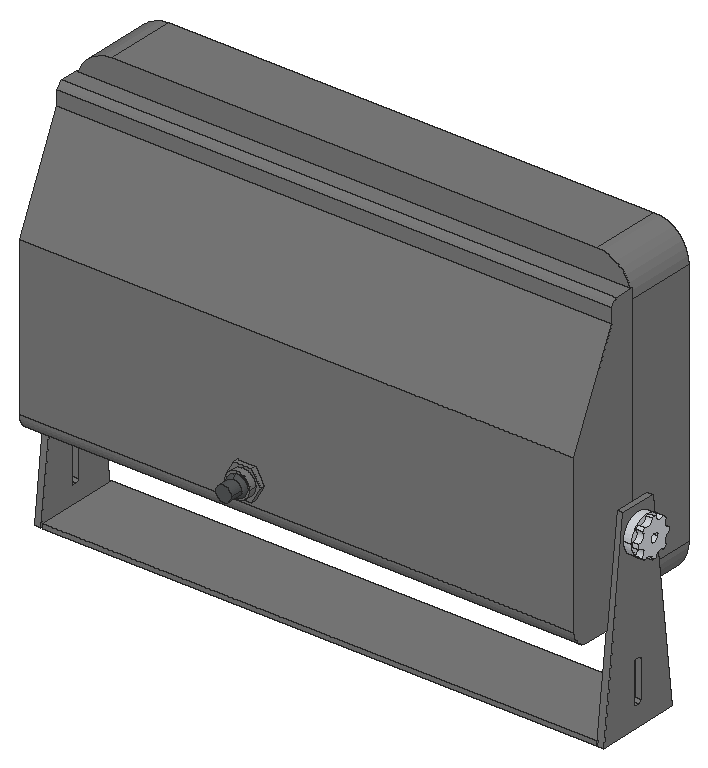
Revit family "WALL WASHER PRO_LV363WW.60", category Luminarias, Revit 2019 (continued)
Parameters (values of type "REFL_LV363WW.60")
         \r\n 7.50     7.66     7.81     7.96     8.11     8.26     8.42     8.57     8.72     8.87     \r\n 9.03     9.19     9.35     9.50     9.64     9.78     9.92     10.06    10.20    10.35    \r\n 10.49    10.62    10.75    10.89    11.02    11.16    11.29    11.42    11.54    11.63    \r\n 11.73    11.77    11.80    11.81    11.80    11.78    11.65    11.51    11.36    11.17    \r\n 10.98    10.72    10.46    10.17    9.86     9.54     9.23     8.91     8.60     8.28     \r\n 7.96     7.62     7.28     6.93     6.59     6.24     5.90     5.55     5.24     4.97     \r\n 4.69     4.69     4.68     4.68     4.67     4.67     4.66     4.66     4.65     4.64     \r\n 4.64     4.63     4.63     4.65     4.68     4.72     4.76     4.80     4.84     4.88     \r\n 4.92     \r\n5.29     5.54     5.79     6.04     6.29     6.55     6.80     7.05     7.27     7.46     \r\n 7.64     7.83     8.01     8.20     8.38     8.57     8.76     8.94     9.13     9.31     \r\n 9.50     9.74     9.98     10.19    10.39    10.59    10.79    10.99    11.19    11.38    \r\n 11.58    11.75    11.92    12.09    12.26    12.43    12.60    12.77    12.93    13.10    \r\n 13.26    13.31    13.36    13.38    13.37    13.35    13.20    13.04    12.84    12.60    \r\n 12.35    12.02    11.69    11.36    11.02    10.68    10.34    10.01    9.67     9.33     \r\n 8.99     8.59     8.18     7.78     7.37     6.97     6.56     6.16     5.79     5.45     \r\n 5.11     5.08     5.05     5.01     4.98     4.94     4.91     4.87     4.84     4.80     \r\n 4.77     4.73     4.70     4.70     4.73     4.76     4.79     4.82     4.86     4.89     \r\n 4.92     \r\n5.28     5.54     5.81     6.07     6.34     6.60     6.87     7.13     7.37     7.59     \r\n 7.82     8.04     8.26     8.48     8.70     8.92     9.14     9.36     9.59     9.81     \r\n 10.03    10.42    10.82    11.12    11.35    11.57    11.79    12.02    12.24    12.46    \r\n 12.68    12.94    13.20    13.46    13.72    13.97    14.23    14.49    14.70    14.87    \r\n 15.04    15.11    15.17    15.19    15.17    15.15    14.99    14.83    14.63    14.39    \r\n 14.16    13.77    13.39    12.99    12.58    12.17    11.75    11.34    10.92    10.51    \r\n 10.09    9.63     9.16     8.70     8.23     7.77     7.30     6.83     6.40     5.99     \r\n 5.58     5.51     5.44     5.37     5.31     5.24     5.17     5.10     5.04     4.97     \r\n 4.90     4.83     4.77     4.74     4.77     4.79     4.81     4.84     4.86     4.88     \r\n 4.91     \r\n5.29     5.56     5.83     6.11     6.38     6.65     6.92     7.19     7.46     7.73     \r\n 8.00     8.27     8.54     8.80     9.07     9.34     9.61     9.88     10.15    10.41    \r\n 10.68    11.16    11.65    12.04    12.34    12.64    12.94    13.24    13.54    13.84    \r\n 14.14    14.42    14.69    14.97    15.24    15.51    15.79    16.06    16.27    16.41    \r\n 16.55    16.60    16.66    16.67    16.65    16.62    16.49    16.37    16.20    15.99    \r\n 15.78    15.45    15.13    14.71    14.22    13.73    13.23    12.74    12.24    11.75    \r\n 11.25    10.75    10.25    9.74     9.24     8.73     8.23     7.72     7.20     6.67     \r\n 6.13     6.02     5.91     5.81     5.70     5.59     5.48     5.38     5.27     5.16     \r\n 5.05     4.95     4.84     4.79     4.81     4.83     4.84     4.86     4.88     4.89     \r\n 4.91     \r\n5.30     5.58     5.86     6.14     6.42     6.70     6.99     7.27     7.57     7.90     \r\n 8.22     8.55     8.88     9.20     9.53     9.86     10.19    10.51    10.84    11.17    \r\n 11.49    11.99    12.49    12.95    13.36    13.78    14.20    14.62    15.04    15.46    \r\n 15.88    16.12    16.36    16.60    16.84    17.07    17.31    17.55    17.74    17.89    \r\n 18.03    18.10    18.16    18.19    18.17    18.16    18.02    17.89    17.70    17.47    \r\n 17.24    16.92    16.60    16.20    15.72    15.24    14.76    14.28    13.80    13.32    \r\n 12.84    12.25    11.66    11.07    10.47    9.88     9.29     8.70     8.06     7.37     \r\n 6.69     6.54     6.39     6.24     6.10     5.95     5.80     5.65     5.51     5.36     \r\n 5.21     5.07     4.92     4.85     4.86     4.87     4.88     4.89     4.90     4.91     \r\n 4.92     \r\n5.30     5.59     5.88     6.17     6.46     6.76     7.05     7.34     7.67     8.05     \r\n 8.43     8.80     9.18     9.55     9.93     10.31    10.68    11.06    11.44    11.81    \r\n 12.19    12.76    13.32    13.86    14.36    14.87    15.37    15.88    16.38    16.89    \r\n 17.39    17.63    17.87    18.11    18.35    18.59    18.83    19.07    19.27    19.44    \r\n 19.60    19.65    19.70    19.73    19.75    19.77    19.61    19.45    19.26    19.02    \r\n 18.79    18.45    18.11    17.71    17.26    16.81    16.36    15.91    15.46    15.01    \r\n 14.56    13.86    13.16    12.46    11.76    11.06    10.36    9.66     8.95     8.23     \r\n 7.51     7.31     7.10     6.89     6.68     6.47     6.26     6.05     5.84     5.63     \r\n 5.42     5.21     5.01     4.90     4.91     4.91     4.91     4.92     4.92     4.92     \r\n 4.92     \r\n5.31     5.61     5.91     6.21     6.51     6.81     7.11     7.41     7.77     8.20     \r\n 8.63     9.06     9.49     9.91     10.34    10.77    11.20    11.63    12.06    12.49    \r\n 12.91    13.60    14.29    14.92    15.47    16.02    16.58    17.13    17.68    18.23    \r\n 18.79    19.05    19.31    19.58    19.84    20.10    20.37    20.63    20.85    21.02    \r\n 21.20    21.27    21.33    21.37    21.37    21.38    21.22    21.07    20.87    20.63    \r\n 20.40    20.05    19.70    19.29    18.82    18.34    17.87    17.40    16.93    16.46    \r\n 15.98    15.22    14.45    13.69    12.92    12.16    11.39    10.63    9.85     9.07     \r\n 8.28     8.02     7.75     7.48     7.21     6.95     6.68     6.41     6.14     5.88     \r\n 5.61     5.34     5.07     4.94     4.93     4.93     4.92     4.92     4.91     4.91     \r\n 4.90     \r\n5.31     5.62     5.92     6.23     6.54     6.85     7.15     7.46     7.86     8.34     \r\n 8.83     9.31     9.80     10.29    10.77    11.26    11.74    12.23    12.71    13.20    \r\n 13.68    14.58    15.48    16.22    16.80    17.39    17.97    18.56    19.14    19.72    \r\n 20.31    20.60    20.88    21.17    21.46    21.75    22.04    22.33    22.58    22.79    \r\n 23.01    23.09    23.17    23.21    23.21    23.21    23.03    22.84    22.62    22.36    \r\n 22.10    21.71    21.33    20.89    20.40    19.92    19.43    18.94    18.45    17.96    \r\n 17.47    16.64    15.81    14.98    14.15    13.32    12.49    11.66    10.80    9.92     \r\n 9.03     8.71     8.39     8.07     7.74     7.42     7.10     6.78     6.46     6.13     \r\n 5.81     5.49     5.17     5.00     4.99     4.98     4.97     4.95     4.94     4.93     \r\n 4.92     \r\n5.31     5.63     5.95     6.27     6.59     6.90     7.22     7.54     7.98     8.53     \r\n 9.08     9.63     10.18    10.73    11.29    11.84    12.39    12.94    13.49    14.04    \r\n 14.59    15.65    16.71    17.54    18.15    18.76    19.37    19.99    20.60    21.21    \r\n 21.82    22.16    22.51    22.85    23.19    23.53    23.87    24.21    24.50    24.74    \r\n 24.97    25.08    25.18    25.23    25.23    25.22    25.05    24.88    24.64    24.33    \r\n 24.03    23.60    23.17    22.69    22.15    21.62    21.09    20.55    20.02    19.49    \r\n 18.95    18.09    17.22    16.36    15.49    14.62    13.76    12.89    11.93    10.87    \r\n 9.82     9.44     9.06     8.68     8.30     7.92     7.54     7.16     6.78     6.40     \r\n 6.02     5.64     5.26     5.06     5.04     5.02     4.99     4.97     4.95     4.93     \r\n 4.91     \r\n5.29     5.62     5.95     6.28     6.61     6.94     7.28     7.61     8.09     8.72     \r\n 9.35     9.98     10.61    11.24    11.87    12.50    13.13    13.76    14.39    15.02    \r\n 15.65    16.74    17.82    18.70    19.38    20.05    20.73    21.40    22.08    22.76    \r\n 23.43    23.85    24.26    24.68    25.10    25.51    25.93    26.34    26.68    26.94    \r\n 27.21    27.33    27.45    27.51    27.52    27.52    27.32    27.12    26.86    26.53    \r\n 26.20    25.70    25.20    24.65    24.05    23.45    22.85    22.25    21.65    21.05    \r\n 20.45    19.57    18.69    17.80    16.92    16.04    15.16    14.28    13.20    11.93    \r\n 10.65    10.21    9.77     9.33     8.89     8.44     8.00     7.56     7.12     6.68     \r\n 6.24     5.79     5.35     5.12     5.08     5.05     5.02     4.99     4.96     4.92     \r\n 4.89     \r\n5.29     5.63     5.97     6.31     6.65     6.99     7.33     7.67     8.20     8.91     \r\n 9.62     10.33    11.04    11.76    12.47    13.18    13.89    14.60    15.32    16.03    \r\n 16.74    17.84    18.94    19.87    20.63    21.39    22.15    22.91    23.67    24.43    \r\n 25.19    25.67    26.15    26.63    27.11    27.59    28.07    28.55    28.94    29.25    \r\n 29.55    29.69    29.83    29.90    29.90    29.90    29.70    29.50    29.22    28.85    \r\n 28.49    27.96    27.44    26.83    26.15    25.47    24.79    24.11    23.43    22.75    \r\n 22.07    21.14    20.21    19.29    18.36    17.43    16.50    15.57    14.42    13.05    \r\n 11.68    11.16    10.64    10.12    9.60     9.08     8.56     8.04     7.53     7.01     \r\n 6.49     5.97     5.45     5.17     5.14     5.10     5.06     5.03     4.99     4.95     \r\n 4.92     \r\n5.27     5.62     5.97     6.32     6.67     7.01     7.36     7.71     8.28     9.06     \r\n 9.84     10.63    11.41    12.19    12.98    13.76    14.54    15.33    16.11    16.89    \r\n 17.68    18.86    20.04    21.07    21.93    22.80    23.67    24.54    25.41    26.28    \r\n 27.14    27.68    28.23    28.77    29.31    29.85    30.39    30.93    31.37    31.70    \r\n 32.04    32.19    32.34    32.42    32.45    32.47    32.25    32.03    31.73    31.34    \r\n 30.96    30.38    29.80    29.13    28.38    27.62    26.86    26.11    25.35    24.59    \r\n 23.84    22.83    21.83    20.82    19.82    18.81    17.81    16.80    15.60    14.21    \r\n 12.82    12.21    11.61    11.00    10.39    9.79     9.18     8.58     7.97     7.37     \r\n 6.76     6.16     5.55     5.22     5.17     5.13     5.08     5.03     4.98     4.93     \r\n 4.88     \r\n5.28     5.64     6.00     6.36     6.73     7.09     7.45     7.81     8.41     9.26     \r\n 10.11    10.96    11.81    12.66    13.51    14.36    15.21    16.06    16.91    17.76    \r\n 18.61    19.89    21.16    22.29    23.28    24.26    25.25    26.23    27.22    28.20    \r\n 29.19    29.78    30.38    30.98    31.57    32.17    32.77    33.36    33.85    34.23    \r\n 34.62    34.78    34.94    35.04    35.08    35.11    34.86    34.62    34.29    33.90    \r\n 33.50    32.87    32.24    31.51    30.69    29.88    29.06    28.24    27.42    26.60    \r\n 25.79    24.68    23.58    22.48    21.38    20.28    19.18    18.07    16.81    15.40    \r\n 13.98    13.29    12.59    11.90    11.21    10.51    9.82     9.12     8.43     7.74     \r\n 7.04     6.35     5.65     5.28     5.22     5.17     5.11     5.06     5.00     4.95     \r\n 4.89     \r\n5.28     5.65     6.02     6.39     6.76     7.13     7.49     7.86     8.51     9.43     \r\n 10.34    11.26    12.18    13.10    14.02    14.94    15.85    16.77    17.69    18.61    \r\n 19.53    20.92    22.31    23.56    24.67    25.79    26.90    28.01    29.12    30.23    \r\n 31.35    32.00    32.66    33.32    33.98    34.64    35.30    35.96    36.49    36.91    \r\n 37.32    37.53    37.75    37.87    37.90    37.92    37.68    37.43    37.08    36.63    \r\n 36.18    35.49    34.80    34.01    33.12    32.23    31.34    30.45    29.56    28.68    \r\n 27.79    26.59    25.38    24.18    22.98    21.78    20.58    19.37    18.01    16.48    \r\n 14.96    14.19    13.43    12.66    11.90    11.13    10.37    9.60     8.84     8.07     \r\n 7.31     6.54     5.78     5.36     5.30     5.23     5.17     5.10     5.04     4.97     \r\n 4.91     \r\n5.28     5.66     6.04     6.42     6.80     7.19     7.57     7.95     8.63     9.62     \r\n 10.61    11.60    12.59    13.58    14.57    15.56    16.55    17.54    18.53    19.52    \r\n 20.51    22.01    23.51    24.88    26.14    27.39    28.64    29.89    31.14    32.39    \r\n 33.64    34.36    35.09    35.81    36.54    37.26    37.98    38.71    39.30    39.78    \r\n 40.25    40.47    40.69    40.83    40.88    40.92    40.64    40.35    39.95    39.43    \r\n 38.92    38.24    37.56    36.74    35.77    34.80    33.84    32.87    31.90    30.94    \r\n 29.97    28.65    27.33    26.00    24.68    23.36    22.04    20.72    19.24    17.61    \r\n 15.98    15.14    14.30    13.46    12.62    11.77    10.93    10.09    9.25     8.41     \r\n 7.57     6.73     5.89     5.43     5.35     5.28     5.20     5.13     5.05     4.98     \r\n 4.90     \r\n5.26     5.66     6.05     6.45     6.84     7.24     7.63     8.02     8.75     9.81     \r\n 10.87    11.93    12.99    14.05    15.11    16.17    17.23    18.29    19.35    20.41    \r\n 21.47    23.14    24.80    26.32    27.69    29.06    30.44    31.81    33.18    34.56    \r\n 35.93    36.73    37.53    38.34    39.14    39.94    40.75    41.55    42.21    42.72    \r\n 43.24    43.49    43.73    43.89    43.96    44.03    43.71    43.39    42.97    42.45    \r\n 41.94    41.16    40.38    39.47    38.43    37.40    36.36    35.32    34.28    33.24    \r\n 32.21    30.76    29.31    27.87    26.42    24.97    23.53    22.08    20.49    18.77    \r\n 17.05    16.13    15.20    14.28    13.36    12.44    11.52    10.59    9.67     8.75     \r\n 7.83     6.91     5.98     5.48     5.40     5.31     5.23     5.15     5.06     4.98     \r\n 4.90     \r\n5.28     5.68     6.09     6.49     6.89     7.30     7.70     8.11     8.88     10.01    \r\n 11.14    12.28    13.41    14.54    15.68    16.81    17.95    19.08    20.21    21.35    \r\n 22.48    24.34    26.19    27.87    29.37    30.87    32.36    33.86    35.36    36.86    \r\n 38.36    39.24    40.13    41.02    41.91    42.80    43.68    44.57    45.29    45.85    \r\n 46.41    46.70    47.00    47.17    47.20    47.24    46.94    46.64    46.21    45.62    \r\n 45.04    44.21    43.37    42.39    41.26    40.14    39.01    37.88    36.75    35.62    \r\n 34.49    32.93    31.38    29.82    28.26    26.70    25.14    23.58    21.86    19.97    \r\n 18.08    17.08    16.08    15.08    14.09    13.09    12.09    11.09    10.09    9.09     \r\n 8.09     7.09     6.10     5.55     5.45     5.36     5.26     5.17     5.07     4.98     \r\n 4.88     \r\n5.27     5.68     6.10     6.52     6.93     7.35     7.77     8.18     9.00     10.21    \r\n 11.43    12.64    13.86    15.07    16.29    17.50    18.72    19.93    21.15    22.36    \r\n 23.58    25.60    27.62    29.44    31.08    32.71    34.35    35.98    37.61    39.25    \r\n 40.88    41.86    42.84    43.81    44.79    45.77    46.75    47.72    48.51    49.11    \r\n 49.70    50.02    50.34    50.52    50.56    50.60    50.29    49.99    49.52    48.89    \r\n 48.26    47.37    46.47    45.42    44.20    42.99    41.77    40.55    39.34    38.12    \r\n 36.90    35.23    33.55    31.88    30.20    28.53    26.85    25.18    23.31    21.26    \r\n 19.20    18.12    17.03    15.95    14.87    13.78    12.70    11.62    10.53    9.45     \r\n 8.37     7.28     6.20     5.61     5.50     5.40     5.30     5.19     5.09     4.99     \r\n 4.88     \r\n5.29     5.71     6.14     6.57     7.00     7.43     7.85     8.28     9.15     10.45    \r\n 11.75    13.05    14.35    15.66    16.96    18.26    19.56    20.86    22.16    23.46    \r\n 24.77    26.93    29.10    31.07    32.84    34.62    36.39    38.17    39.94    41.72    \r\n 43.49    44.56    45.63    46.71    47.78    48.85    49.92    50.99    51.86    52.52    \r\n 53.18    53.54    53.89    54.10    54.18    54.26    53.88    53.51    53.00    52.33    \r\n 51.66    50.66    49.66    48.51    47.20    45.90    44.59    43.29    41.99    40.68    \r\n 39.38    37.58    35.79    34.00    32.20    30.41    28.61    26.82    24.80    22.57    \r\n 20.33    19.16    18.00    16.83    15.66    14.50    13.33    12.16    11.00    9.83     \r\n 8.66     7.50     6.33     5.69     5.57     5.46     5.35     5.23     5.12 
